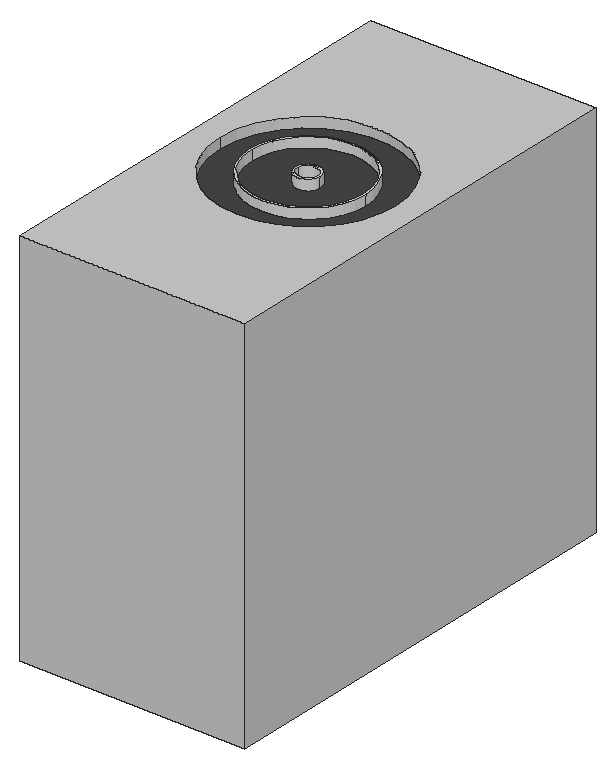
Revit family "Domotics-DomesticRanges-GEWISS-CHORUS_DATA-SOCKET-OUTLET_TV", category Apparecchi elettrici, host Superficie, Revit 2016
Family settings
  Host = Superficie
  Mantenere orientamento annotazione = Sì
  Tipo di parte = Normale
  Quota connettore circolare = Usa diametro
  Taglio con vuoti quando caricato = Sì
  Condiviso = Sì
  Punto di calcolo locali = Sì
Parameters (values of type "GW14364 - TV SOCKET 1M THROUGH 14dB M.CONN 9.5mm T")
  Volt = 230 V
  Vista in pianta [instance] = yes
  Version file RFA = "19.0"
  URL = "https://www.gewiss.com/ww/en"
  Tipo_ = SYSTEM PRESE TV_GENERICO : GW14361
  Technical sheet = "https://www.gewiss.com/ww/en/search?q=GW14364"
  Simbolo [instance] = yes
  Realized by GEWISS S.p.A. = ""
  Default Elevation = 1219.2 mm
  Produttore = "GEWISS S.p.A."
  Offset presa [instance] = 0 mm
  Offset bidimensionale [instance] = 39.3 mm
  N. poli = 1
  Modello = "GW14364"
  Immagine tipo = GW14361.jpg
  IFC.TypeObject = ""
  IFC.ExportType = ""
  IFC.ExportAs = ""
  IDT = "8edb2d1c-7456-4a47-b73a-f2f26e15fbb4"
  IDF = "34fc3b6e-676c-4ec9-8993-bd2d13b43123"
  Electrocod = "0131                "
  EAN code = "8011564266773"
  Distanza_x [instance] = 0 mm
  Distanza_effettiva_y [instance] = 100 mm
  Distanza_effettiva_x [instance] = 1000 mm - Distanza_x  # 1000 mm
  Distanza orizzontale del simbolo [instance] = 45.729 mm
  Distanza dal muro [instance] = 4.208 mm
  Descrizione = "TV SOCKET 1M THROUGH 14dB M.CONN 9.5mm T"
  Catalogue Range = "CHORUS - DOMESTIC RANGE"
  Catalogue = "DOMOTICS"
  Carico apparente = 0 VA
  COBie.Tagnumber = ""
  COBie.CreatedOn = ""
  COBie.CreatebBy = ""
  COBie.ComponentRegisterItemID = ""
  COBie.Component.TagNumber = ""
  COBie.Component.Space = ""
  COBie.Component.SerialNumber = ""
  COBie.Component.InstallationDate = ""
  COBie.Component.Description = ""
  COBie.Component.BarCode = ""
Types (12, lengths in mm): name | Tipo_ | Technical sheet | Modello | Immagine tipo | IDT | Electrocod | EAN code | Descrizione
  GW10361 - TV SOCKET 1M DIR. MALE CONN 9.5mm W | SYSTEM PRESE TV_GENERICO : GW10361 | "https://www.gewiss.com/ww/en/search?q=GW10361" | "GW10361" | GW10361.jpg | "b02e1887-438c-4d40-acb1-dc3838bfaf70" | "0131                " | "8011564258969" | "TV SOCKET 1M DIR. MALE CONN 9.5mm W"
  GW10363 - TV SOCKET 1M THROUGH 10dB M.CONN 9.5mm W | SYSTEM PRESE TV_GENERICO : GW10361 | "https://www.gewiss.com/ww/en/search?q=GW10363" | "GW10363" | GW10361.jpg | "879f9168-3cc3-4466-a82d-8628dc322a4f" | "0131                " | "8011564259584" | "TV SOCKET 1M THROUGH 10dB M.CONN 9.5mm W"
  GW10364 - TV SOCKET 1M THROUGH 14dB M.CONN 9.5mm W | SYSTEM PRESE TV_GENERICO : GW10361 | "https://www.gewiss.com/ww/en/search?q=GW10364" | "GW10364" | GW10361.jpg | "017d9e70-e6d0-4619-bda4-bfb2afec8c1b" | "0131                " | "8011564259591" | "TV SOCKET 1M THROUGH 14dB M.CONN 9.5mm W"
  GW10362 - TV SOCKET 1M THROUGH 5dB M.CONN 9.5mm W | SYSTEM PRESE TV_GENERICO : GW10361 | "https://www.gewiss.com/ww/en/search?q=GW10362" | "GW10362" | GW10361.jpg | "29fa80b5-9f1c-4984-adbe-9e8f594ebc3b" | "3720                " | "8011564259577" | "TV SOCKET 1M THROUGH 5dB M.CONN 9.5mm W"
  GW12361 - TV SOCKET 1M DIR. MALE CONN. 9.5mm B | SYSTEM PRESE TV_GENERICO : GW12361 | "https://www.gewiss.com/ww/en/search?q=GW12361" | "GW12361" | GW12361.jpg | "73554695-8c19-4453-990c-0662d43617b4" | "0131                " | "8011564266667" | "TV SOCKET 1M DIR. MALE CONN. 9.5mm B"
  GW14363 - TV SOCKET 1M THROUGH 10dB M.CONN 9.5mm T | SYSTEM PRESE TV_GENERICO : GW14361 | "https://www.gewiss.com/ww/en/search?q=GW14363" | "GW14363" | GW14361.jpg | "ad92b0db-4c9f-4ef9-8458-ca3516e4b6e6" | "0131                " | "8011564266766" | "TV SOCKET 1M THROUGH 10dB M.CONN 9.5mm T"
  GW14364 - TV SOCKET 1M THROUGH 14dB M.CONN 9.5mm T | SYSTEM PRESE TV_GENERICO : GW14361 | "https://www.gewiss.com/ww/en/search?q=GW14364" | "GW14364" | GW14361.jpg | "8edb2d1c-7456-4a47-b73a-f2f26e15fbb4" | "0131                " | "8011564266773" | "TV SOCKET 1M THROUGH 14dB M.CONN 9.5mm T"
  GW12362 - TV SOCKET 1M THROUGH 5dB M.CONN 9.5mm B | SYSTEM PRESE TV_GENERICO : GW12361 | "https://www.gewiss.com/ww/en/search?q=GW12362" | "GW12362" | GW12361.jpg | "3832527d-6a6f-485d-9ec6-86edcd426735" | "0131                " | "8011564268906" | "TV SOCKET 1M THROUGH 5dB M.CONN 9.5mm B"
  GW14361 - TV SOCKET 1M DIR. MALE CONN. 9.5mm T | SYSTEM PRESE TV_GENERICO : GW14361 | "https://www.gewiss.com/ww/en/search?q=GW14361" | "GW14361" | GW14361.jpg | "0f871789-64ef-4d86-8211-44b6c9d769c7" | "0131                " | "8011564266742" | "TV SOCKET 1M DIR. MALE CONN. 9.5mm T"
  GW14362 - TV SOCKET 1M THROUGH 5dB M.CONN 9.5mm T | SYSTEM PRESE TV_GENERICO : GW14361 | "https://www.gewiss.com/ww/en/search?q=GW14362" | "GW14362" | GW14361.jpg | "321a3a26-ac26-4f40-829b-74af517766d8" | "3721                " | "8011564266759" | "TV SOCKET 1M THROUGH 5dB M.CONN 9.5mm T"
  GW12363 - TV SOCKET 1M THROUGH 10dB M.CONN 9.5mm B | SYSTEM PRESE TV_GENERICO : GW12361 | "https://www.gewiss.com/ww/en/search?q=GW12363" | "GW12363" | GW12361.jpg | "79104cf9-39c6-46d2-b326-dede2b44f360" | "0131                " | "8011564268913" | "TV SOCKET 1M THROUGH 10dB M.CONN 9.5mm B"
  GW12364 - TV SOCKET 1M THROUGH 14dB M.CONN 9.5mm B | SYSTEM PRESE TV_GENERICO : GW12361 | "https://www.gewiss.com/ww/en/search?q=GW12364" | "GW12364" | GW12361.jpg | "e7423f93-d3c6-40dc-bb07-f846daf73aea" | "3720                " | "8011564268937" | "TV SOCKET 1M THROUGH 14dB M.CONN 9.5mm B"
Reference planes
  plane 1 "Centro (Fronte/Retro)": y = 0
  plane 2: z = 0
  plane 3 "Centro (Sinistra/Destra)": x = 0
  plane 4: x = -1000
  plane 5: x = 0
  plane 6: y = 100
  plane 7: z = 0
  plane 8 "A": z = 39.3
  plane 9: z = 39
Lines and regions (mm)
  Masking region 1, visible <- "Vista in pianta"
    outline origin (0, 0, 0) x (1, 0, 0) y (0, 1, 0)
      loop
        line (-11.5, 22.5) -> (-11.5, -22.5) -> (11.5, -22.5) -> (11.5, 22.5) -> (-11.5, 22.5)
      loop
        circle (0, 0) r 9.026
      loop
        circle (0, 0) r 5.754
      loop
        circle (0, 0) r 1.046
      loop
        line (0.281, 17.492) -> (3.977, 10.245) -> (7.673, 17.492) -> (6.868, 17.492) -> (3.977, 11.824) -> (1.086, 17.492) -> (0.281, 17.492)
      loop
        line (-4.356, 10.347) -> (-3.551, 10.347) -> (-3.551, 16.716) -> (-0.733, 16.716) -> (-0.733, 17.521) -> (-7.174, 17.521) -> (-7.174, 16.716) -> (-4.356, 16.716) -> (-4.356, 10.347)
  Masking region 2, visible <- "Vista in pianta"
    outline origin (0, 0, 0) x (1, 0, 0) y (0, 0, 1)
      loop
        line (11.5, 0) -> (11.5, 39) -> (-11.5, 39) -> (-11.5, 0) -> (11.5, 0)
  Masking region 3, visible <- "Vista in pianta"
    outline origin (0, 0, 0) x (0, 1, 0) y (0, 0, 1)
      loop
        line (-22.5, 39) -> (-22.5, 0) -> (22.5, 0) -> (22.5, 39) -> (-22.5, 39)
  model lines, style "0", not visible, detail levels coarse
    curve 1: arc (40.941, 35.069, 0) -> (36.863, 30.992, 0) -> (40.941, 26.915, 0) r 4.077
    curve 2: arc (48.922, 26.915, 0) -> (53, 30.992, 0) -> (48.922, 35.069, 0) r 4.077
    curve 3: line (56.432, 23.317, 0) -> (33.432, 23.317, 0)
    curve 4: line (33.432, 23.317, 0) -> (33.432, 68.317, 0)
    curve 5: line (33.432, 68.317, 0) -> (56.432, 68.317, 0)
    curve 6: line (56.432, 68.317, 0) -> (56.432, 23.317, 0)
    curve 7: line (40.941, 35.069, 0) -> (42.406, 35.069, 0)
    curve 8: line (42.406, 35.069, 0) -> (42.406, 64.372, 0)
    curve 9: line (42.406, 64.372, 0) -> (47.457, 64.372, 0)
    curve 10: line (47.457, 64.372, 0) -> (47.457, 35.069, 0)
    curve 11: line (47.457, 35.069, 0) -> (48.922, 35.069, 0)
    curve 12: line (40.941, 26.915, 0) -> (48.922, 26.915, 0)
    curve 34: circle (52.262, 43.827, 39.3) r 1.146 normal (0, 0, 1)
    curve 35: circle (52.262, 43.827, 39.3) r 9.026 normal (0, 0, 1)
    curve 36: circle (52.262, 43.827, 39.3) r 5.854 normal (0, 0, 1)
    curve 37: line (63.762, 21.327, 39.3) -> (40.762, 21.327, 39.3)
    curve 38: line (40.762, 21.327, 39.3) -> (40.762, 66.327, 39.3)
    curve 39: line (40.762, 66.327, 39.3) -> (63.762, 66.327, 39.3)
    curve 40: line (63.762, 66.327, 39.3) -> (63.762, 21.327, 39.3)
    curve 41: line (56.254, 55.68, 39.3) -> (53.363, 61.348, 39.3)
    curve 42: line (53.363, 61.348, 39.3) -> (52.558, 61.348, 39.3)
    curve 43: line (52.558, 61.348, 39.3) -> (56.254, 54.102, 39.3)
    curve 44: line (56.254, 54.102, 39.3) -> (59.951, 61.348, 39.3)
    curve 45: line (59.951, 61.348, 39.3) -> (59.146, 61.348, 39.3)
    curve 46: line (59.146, 61.348, 39.3) -> (56.254, 55.68, 39.3)
    curve 47: line (48.734, 60.543, 39.3) -> (51.553, 60.543, 39.3)
    curve 48: line (51.553, 60.543, 39.3) -> (51.553, 61.348, 39.3)
    curve 49: line (51.553, 61.348, 39.3) -> (45.111, 61.348, 39.3)
    curve 50: line (45.111, 61.348, 39.3) -> (45.111, 60.543, 39.3)
    curve 51: line (45.111, 60.543, 39.3) -> (47.929, 60.543, 39.3)
    curve 52: line (47.929, 60.543, 39.3) -> (47.929, 54.107, 39.3)
    curve 53: line (47.929, 54.107, 39.3) -> (48.734, 54.107, 39.3)
    curve 54: line (48.734, 54.107, 39.3) -> (48.734, 60.543, 39.3)
  model lines, style "0", detail levels coarse
    curve 13: circle (0, 0, 39.3) r 1.146 normal (0, 0, 1)
    curve 14: circle (0, 0, 39.3) r 9.026 normal (0, 0, 1)
    curve 15: circle (0, 0, 39.3) r 5.854 normal (0, 0, 1)
    curve 16: line (11.5, -22.5, 39.3) -> (-11.5, -22.5, 39.3)
    curve 17: line (-11.5, -22.5, 39.3) -> (-11.5, 22.5, 39.3)
    curve 18: line (-11.5, 22.5, 39.3) -> (11.5, 22.5, 39.3)
    curve 19: line (11.5, 22.5, 39.3) -> (11.5, -22.5, 39.3)
    curve 20: line (3.992, 11.853, 39.3) -> (1.101, 17.521, 39.3)
    curve 21: line (1.101, 17.521, 39.3) -> (0.296, 17.521, 39.3)
    curve 22: line (0.296, 17.521, 39.3) -> (3.992, 10.275, 39.3)
    curve 23: line (3.992, 10.275, 39.3) -> (7.689, 17.521, 39.3)
    curve 24: line (7.689, 17.521, 39.3) -> (6.883, 17.521, 39.3)
    curve 25: line (6.883, 17.521, 39.3) -> (3.992, 11.853, 39.3)
    curve 26: line (-3.528, 16.716, 39.3) -> (-0.71, 16.716, 39.3)
    curve 27: line (-0.71, 16.716, 39.3) -> (-0.71, 17.521, 39.3)
    curve 28: line (-0.71, 17.521, 39.3) -> (-7.151, 17.521, 39.3)
    curve 29: line (-7.151, 17.521, 39.3) -> (-7.151, 16.716, 39.3)
    curve 30: line (-7.151, 16.716, 39.3) -> (-4.333, 16.716, 39.3)
    curve 31: line (-4.333, 16.716, 39.3) -> (-4.333, 10.28, 39.3)
    curve 32: line (-4.333, 10.28, 39.3) -> (-3.528, 10.28, 39.3)
    curve 33: line (-3.528, 10.28, 39.3) -> (-3.528, 16.716, 39.3)
Dimensions and locks
  plane 4 to plane 3 "Centro (Sinistra/Destra)" = 1000 mm
  "Distanza_effettiva_x": plane 4 to plane 5
  "Distanza_effettiva_y": plane 6 to plane 1 "Centro (Fronte/Retro)"
  "Offset presa": plane 7 to host face
  "Offset bidimensionale": plane 8 "A" to host face
  locked: plane 9 to plane 7 at 39
  aligned and locked: plane 2 to host face
  aligned and locked: level to host face
  aligned and locked: plane 3 "Centro (Sinistra/Destra)" to nested 1
  aligned and locked: plane 1 "Centro (Fronte/Retro)" to nested 1
  aligned and locked: nested 2 to plane 6
  aligned and locked: nested 2 to plane 5
  aligned and locked: Masking region 1 sketch curve to nested 1  (x4)
  aligned and locked: nested 1 to plane 7  (x2)
  aligned and locked: nested 1 to plane 9  (x2)
  aligned and locked: Masking region 2 sketch curve to nested 1  (x2)
  aligned and locked: plane 9 to Masking region 2 sketch curve
  aligned and locked: plane 7 to Masking region 2 sketch curve
  aligned and locked: Masking region 2 to plane 7
  aligned and locked: plane 7 to nested 1  (x2)
  aligned and locked: Masking region 3 sketch curve to nested 1  (x2)
  aligned and locked: plane 9 to Masking region 3 sketch curve
  aligned and locked: plane 7 to Masking region 3 sketch curve
  aligned and locked: Masking region 3 to plane 7
  aligned and locked: Masking region 3 to plane 9
Automatic sketch dimensions
  host sketch curve to host sketch curve = 2438.4 mm  (x2)
  curve 13 to curve 14 = 0 mm  (x2)
  curve 13 to curve 15 = 0 mm  (x2)
  curve 14 to curve 15 = 0 mm  (x2)
  curve 17 to curve 29 = 4.979 mm
  curve 18 to curve 23 = 4.979 mm
  curve 27 to curve 22 = 0 mm
  curve 27 to curve 27 = 0.805 mm
  curve 30 to curve 26 = 0 mm
  curve 20 to curve 20 = 5.668 mm
  curve 26 to curve 32 = 6.437 mm
  curve 20 to curve 23 = 1.578 mm
  curve 32 to curve 14 = 10.28 mm
  curve 13 to curve 17 = 22.5 mm
  curve 17 to curve 30 = 4.349 mm
  curve 29 to curve 32 = 2.818 mm
  curve 31 to curve 33 = 0.805 mm
  curve 26 to curve 28 = 2.818 mm
  curve 32 to curve 13 = 3.528 mm
  curve 27 to curve 21 = 1.005 mm
  curve 21 to curve 20 = 0.805 mm
  curve 32 to curve 22 = 7.52 mm
  curve 25 to curve 22 = 0 mm
  curve 20 to curve 24 = 5.782 mm
  curve 24 to curve 24 = 0.805 mm
  curve 23 to curve 18 = 3.811 mm
  curve 34 to curve 35 = 0 mm  (x2)
  curve 34 to curve 36 = 0 mm  (x2)
  curve 35 to curve 36 = 0 mm  (x2)
  curve 38 to curve 50 = 4.979 mm
  curve 39 to curve 44 = 4.979 mm
  curve 48 to curve 43 = 0 mm
  curve 48 to curve 48 = 0.805 mm
  curve 51 to curve 47 = 0 mm
  curve 41 to curve 41 = 5.668 mm
  curve 47 to curve 53 = 6.437 mm
  curve 41 to curve 44 = 1.578 mm
  curve 53 to curve 35 = 10.28 mm
  curve 34 to curve 38 = 22.5 mm
  curve 38 to curve 51 = 4.349 mm
  curve 50 to curve 53 = 2.818 mm
  curve 52 to curve 54 = 0.805 mm
  curve 47 to curve 49 = 2.818 mm
  curve 53 to curve 34 = 3.528 mm
  curve 48 to curve 42 = 1.005 mm
  curve 42 to curve 41 = 0.805 mm
  curve 53 to curve 43 = 7.52 mm
  curve 46 to curve 43 = 0 mm
  curve 41 to curve 45 = 5.782 mm
  curve 45 to curve 45 = 0.805 mm
  curve 44 to curve 39 = 3.811 mm
  Masking region 1 sketch curve to Masking region 1 sketch curve = 0 mm  (x32)
  plane 1 "Centro (Fronte/Retro)" to Masking region 1 sketch curve = 0 mm
  Masking region 1 sketch curve to plane 3 "Centro (Sinistra/Destra)" = 0 mm
  Masking region 1 sketch curve to Masking region 1 sketch curve = 4.326 mm
  Masking region 1 sketch curve to Masking region 1 sketch curve = 2.818 mm
  Masking region 1 sketch curve to Masking region 1 sketch curve = 0.805 mm  (x4)
  Masking region 1 sketch curve to plane 3 "Centro (Sinistra/Destra)" = 0.733 mm
  plane 3 "Centro (Sinistra/Destra)" to Masking region 1 sketch curve = 0.281 mm
  plane 3 "Centro (Sinistra/Destra)" to Masking region 1 sketch curve = 3.977 mm
  Masking region 1 sketch curve to Masking region 1 sketch curve = 5.782 mm
  Masking region 1 sketch curve to plane 1 "Centro (Fronte/Retro)" = 10.245 mm
  Masking region 1 sketch curve to Masking region 1 sketch curve = 0.101 mm
  Masking region 1 sketch curve to Masking region 1 sketch curve = 1.578 mm
  Masking region 1 sketch curve to Masking region 1 sketch curve = 6.369 mm
  Masking region 1 sketch curve to Masking region 1 sketch curve = 5.008 mm
  Masking region 1 sketch curve to Masking region 1 sketch curve = 0.775 mm
  Masking region 1 sketch curve to Masking region 1 sketch curve = 9.026 mm
  Masking region 1 sketch curve to Masking region 1 sketch curve = 3.272 mm
  Masking region 1 sketch curve to Masking region 1 sketch curve = 1.046 mm
  radius of curve 13 = 1.146 mm
  radius of curve 14 = 9.026 mm
  radius of curve 15 = 5.854 mm
  radius of curve 34 = 1.146 mm
  radius of curve 35 = 9.026 mm
  radius of curve 36 = 5.854 mm
Nested families
  nested 1: "SYSTEM PRESE TV_GENERICO" at (0, 0, 0), type <- "Tipo_", type "GW14361", detail levels medium+fine
  nested 2: "SIMBOLO" at (0, 100, 0), visible <- "Simbolo", SIMBOLO <- "Simbolo", type "SIMBOLO"
    with SIMBOLO yes, Distanza dal muro 4.208 mm, BORDO ACCESO yes
Connectors
  electrical at (0, 0, 0), driven by "N. poli", driven by "Volt", driven by "Carico apparente"
    settings: on nested 1, index 1, voltage 230 V, apparent load 0 VA, apparent load phase1 0 VA, apparent load phase2 0 VA, apparent load phase3 0 VA, power factor 1, load classification "Altro", number of poles 1, system type 31, power factor state 1, is connector primary yes, connector utility no, sub classification motor no, connector description ""
Definition of nested family "SYSTEM PRESE TV_GENERICO"
  Parameters (values of type "GW10361")
    Profondità presa = 39 mm
    Finitura System Limitatore Tensione = none
    Altezza da Terra = 750 mm
  Types (3): name
    GW10361
    GW12361
    GW14361
  Reference planes
    plane 1 "Centro (Fronte/Retro)": y = 0
    plane 2: z = 0
    plane 3 "Centro (Sinistra/Destra)": x = 0
    plane 4: z = 0
    plane 5 "a": z = 39
    plane 6: z = 38
    plane 7: x = -11.5
    plane 8: x = 11.5
    plane 9: y = 22.5
    plane 10: y = -22.5
    plane 11: z = 1
  Forms (mm)
    Extrusion 1, solid, material <- "Finitura System Limitatore Tensione"
      sketch origin (-51.929, -802.514, 39) x (1, 0, 0) y (0, 1, 0)
        loop
          line (40.429, 825.014) -> (40.429, 780.014) -> (63.429, 780.014) -> (63.429, 825.014) -> (40.429, 825.014)
        loop
          circle (51.929, 802.514) r 9.026
      from 0 to -39
    Extrusion 2, solid, material <- "Finitura System Limitatore Tensione"
      sketch origin (0, 0, 0) x (1, 0, 0) y (0, 1, 0)
        loop
          circle (0, 0) r 9.026
      from 0 to 1
    Extrusion 3, solid
      sketch origin (0, 0, 0) x (1, 0, 0) y (0, 1, 0)
        loop
          circle (0, 0) r 9.026
      from 1 to 38
    Extrusion 4, solid
      sketch origin (0, 0, 0) x (1, 0, 0) y (0, 1, 0)
        loop
          circle (0, 0) r 5.754
        loop
          circle (0, 0) r 5.954
        loop
          circle (0, 0) r 1.046
        loop
          circle (0, 0) r 1.246
      from 38 to 39
  Cuts and joins
    joined: Extrusion 1, Extrusion 2
  Lines and regions (mm)
    model lines
      curve 1: line (-0.672, 17.546, 39) -> (-7.113, 17.546, 39)
      curve 2: line (-7.113, 17.546, 39) -> (-7.113, 16.74, 39)
      curve 3: line (-7.113, 16.74, 39) -> (-4.295, 16.74, 39)
      curve 4: line (-4.295, 16.74, 39) -> (-4.295, 10.347, 39)
      curve 5: line (-4.295, 10.347, 39) -> (-3.49, 10.347, 39)
      curve 6: line (-3.49, 10.347, 39) -> (-3.49, 16.74, 39)
      curve 7: line (-3.49, 16.74, 39) -> (-0.672, 16.74, 39)
      curve 8: line (-0.672, 16.74, 39) -> (-0.672, 17.546, 39)
      curve 9: line (7.653, 17.507, 39) -> (6.848, 17.507, 39)
      curve 10: line (6.848, 17.507, 39) -> (3.957, 11.839, 39)
      curve 11: line (3.957, 10.261, 39) -> (7.653, 17.507, 39)
      curve 12: line (0.26, 17.507, 39) -> (3.957, 10.261, 39)
      curve 13: line (3.957, 11.839, 39) -> (1.065, 17.507, 39)
      curve 14: line (1.065, 17.507, 39) -> (0.26, 17.507, 39)
  Dimensions and locks
    "Profondità presa": plane 5 "a" to level
    plane 5 "a" to plane 6 = 1 mm
    equal spacing: plane 10, plane 1 "Centro (Fronte/Retro)", plane 9
    plane 10 to plane 9 = 45 mm
    equal spacing: plane 7, plane 3 "Centro (Sinistra/Destra)", plane 8
    plane 7 to plane 8 = 23 mm
    locked: plane 11 to level at 1
    aligned and locked: level to plane 2
    aligned and locked: Extrusion 1 to plane 4
    aligned and locked: plane 2 to plane 4
    aligned and locked: plane 5 "a" to Extrusion 1
    aligned and locked: plane 7 to Extrusion 1
    aligned and locked: Extrusion 1 to plane 8
    aligned and locked: Extrusion 1 to plane 9
    aligned and locked: plane 10 to Extrusion 1
    aligned and locked: Extrusion 2 to level
    aligned and locked: plane 11 to Extrusion 2
    aligned and locked: Extrusion 3 to plane 11
    aligned and locked: plane 6 to Extrusion 3
    aligned and locked: Extrusion 4 to plane 6
    aligned and locked: plane 5 "a" to Extrusion 4
  Automatic sketch dimensions
    Extrusion 1 sketch curve to plane 3 "Centro (Sinistra/Destra)" = 11.5 mm
    plane 1 "Centro (Fronte/Retro)" to Extrusion 1 sketch curve = 22.5 mm
    Extrusion 1 sketch curve to plane 1 "Centro (Fronte/Retro)" = 22.5 mm
    plane 3 "Centro (Sinistra/Destra)" to Extrusion 1 sketch curve = 11.5 mm
    Extrusion 2 sketch curve to Extrusion 2 sketch curve = 0 mm  (x2)
    plane 1 "Centro (Fronte/Retro)" to Extrusion 2 sketch curve = 0 mm
    Extrusion 2 sketch curve to plane 3 "Centro (Sinistra/Destra)" = 0 mm
    Extrusion 2 sketch curve to plane 7 = 2.474 mm
    Extrusion 3 sketch curve to Extrusion 3 sketch curve = 0 mm  (x2)
    plane 1 "Centro (Fronte/Retro)" to Extrusion 3 sketch curve = 0 mm
    Extrusion 3 sketch curve to plane 3 "Centro (Sinistra/Destra)" = 0 mm
    Extrusion 3 sketch curve to plane 7 = 2.474 mm
    Extrusion 4 sketch curve to Extrusion 4 sketch curve = 0 mm  (x6)
    plane 1 "Centro (Fronte/Retro)" to Extrusion 4 sketch curve = 0 mm
    Extrusion 4 sketch curve to plane 3 "Centro (Sinistra/Destra)" = 0 mm
    curve 1 to plane 3 "Centro (Sinistra/Destra)" = 0.672 mm
    plane 9 to curve 1 = 4.954 mm
    curve 1 to curve 14 = 0.039 mm
    plane 9 to curve 11 = 4.993 mm
    curve 1 to curve 7 = 0.805 mm
    curve 1 to curve 2 = 0.805 mm
    plane 3 "Centro (Sinistra/Destra)" to curve 13 = 3.957 mm
    curve 13 to curve 13 = 5.668 mm
    curve 6 to curve 6 = 6.394 mm
    plane 3 "Centro (Sinistra/Destra)" to curve 11 = 3.957 mm
    curve 10 to curve 11 = 1.578 mm
    curve 6 to curve 7 = 2.818 mm
    curve 5 to curve 5 = 0.805 mm
    curve 3 to curve 3 = 2.818 mm
    plane 3 "Centro (Sinistra/Destra)" to curve 12 = 0.26 mm
    curve 12 to curve 14 = 0.805 mm
    plane 8 to curve 10 = 4.652 mm
    curve 9 to curve 9 = 0.805 mm
    radius of Extrusion 4 sketch curve = 5.754 mm
    radius of Extrusion 4 sketch curve = 5.954 mm
    radius of Extrusion 4 sketch curve = 1.046 mm
    radius of Extrusion 4 sketch curve = 1.246 mm
Definition of nested family "SIMBOLO"
  Parameters (values of type "SIMBOLO")
    SIMBOLO [instance] = yes
    Distanza dal muro [instance] = 4.208 mm
    BORDO ACCESO [instance] = yes
  Reference planes
    plane 1: y = 0
    plane 2: x = 0
  Dimensions and locks
    aligned and locked: plane 1 to nested 1
  Nested families
    nested 1: "SCARICSOVRAT_BASE" at (0, 0, 0), BORDO ACCESO <- "BORDO ACCESO", visible <- "SIMBOLO", type "SCARICSOVRAT"
      with BORDO ACCESO yes
  Definition of nested family "SCARICSOVRAT_BASE"
    Parameters (values of type "SCARICSOVRAT")
      Distanza dal muro = 4.208 mm
      BORDO ACCESO [instance] = yes
    Reference planes
      plane 1: y = 0
      plane 2: x = 0
    Lines and regions (mm)
      detail lines, visible <- "BORDO ACCESO", not visible
        curve 1: line (-1.743, 9.208, 0) -> (2.057, 9.208, 0)
        curve 2: line (2.057, 9.208, 0) -> (2.057, 4.208, 0)
        curve 3: line (2.057, 4.208, 0) -> (-1.743, 4.208, 0)
        curve 4: line (-1.743, 4.208, 0) -> (-1.743, 9.208, 0)
        curve 5: line (-1.543, 9.008, 0) -> (1.857, 9.008, 0)
        curve 6: line (1.857, 9.008, 0) -> (1.857, 4.408, 0)
        curve 7: line (1.857, 4.408, 0) -> (-1.543, 4.408, 0)
        curve 8: line (-1.543, 4.408, 0) -> (-1.543, 9.008, 0)
